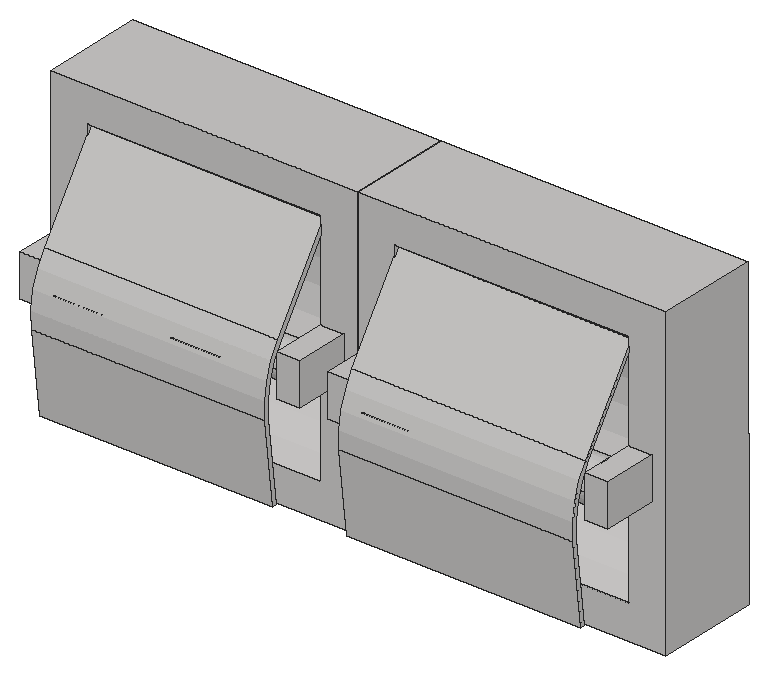
Revit family "Toilet Roll Dispenser_Metlam_Double_Surface Mounted_Hooded", category Specialty Equipment, Revit 2016
Family settings
  Part Type = Normal
  Round Connector Dimension = Use Diameter
  OmniClass Number = 23.40.20.21.21
  OmniClass Title = Toilet Paper Dispensers
  Work Plane-Based = No
  Always vertical = Yes
  Cut with Voids When Loaded = Yes
  Shared = No
  Room Calculation Point = Yes
Parameters (values of type "322w x 91d x 161h (ML263SM_S)")
  URL = "http://www.metlam.com.au/"
  Type Comments = "Toilet Roll Dispensers"  # constant formula
  Model = "ML263SM_S"
  Material_ANZRS = z_Metlam_Metal_Stainless Steel_Satin
  Manufacturer_URL__Product Specific = "https://metlam.com.au/product/content/toilet-roll-dispensers/ML263SM_S"
  Manufacturer_Spec Code = Model  # "ML263SM_S"
  Manufacturer_Overall Width = 322 mm  # constant formula
  Manufacturer_Overall Height = 161 mm  # constant formula
  Manufacturer_Overall Depth = 91 mm  # constant formula
  Manufacturer_Height From FFL [instance] = 585 mm
  Manufacturer = "Metlam"  # constant formula
  Description = "Double Toilet Roll Holder"  # constant formula
  CreatedBy_ANZRS = "IGS BIM Solutions"  # constant formula
  CreatedByURL_ANZRS = "http://www.igsgroup.com.au/"
  Assembly Code = ""
Reference planes
  plane 1 "Back": y = 0
  plane 2 "Ref. Level": z = 0
  plane 3 "Center (Left/Right)": x = 0
  plane 4 "Right": x = 161
  plane 5 "Left": x = -161
  plane 6 "Mount_Front": y = -54
  plane 7 "Top": z = 665.5
  plane 8 "Bottom": z = 504.5
  plane 9 "Centre (Elevation)": z = 585
  plane 10 "Front": y = -91
  plane 11 "Hood_Bottom": z = 524.5
Forms (mm)
  Extrusion 1, solid, material "z_Metlam_Metal_Stainless Steel_Satin" <- "Material_ANZRS"
    sketch origin (-80.5, 0, -20) x (1, 0, 0) y (0, 0, 1)
      loop
        line (-80.5, 685.5) -> (-80.5, 524.5) -> (80.5, 524.5) -> (80.5, 685.5) -> (-80.5, 685.5)
    from 0 to 54
  Revolve 2, solid, material "z_Metlam_Metal_Stainless Steel_Satin" <- "Material_ANZRS"
    sketch origin (80.5, -1526, 585) x (-1, 0, 0) y (0, -1, 0)
      loop
        line (222.115, -1456.68) -> (222.115, -1445.68) -> (161, -1445.68) -> (161, -1447.18) -> (99.885, -1447.18) -> (99.885, -1456.68) -> (222.115, -1456.68)
      axis (222.115, -1456.68) -> (99.885, -1456.68)
    angle from 0 to 360
  Extrusion 3, solid, material "z_Metlam_Metal_Stainless Steel_Satin" <- "Material_ANZRS"
    sketch origin (-80.5, -2, 0) x (0, 1, 0) y (0, 0, 1)
      loop
        line (-52, 596) -> (-81, 596) -> (-81, 574) -> (-52, 574) -> (-52, 596)
    from 61.115 to 73.125
  Extrusion 4, solid, material "z_Metlam_Metal_Stainless Steel_Satin" <- "Material_ANZRS"
    sketch origin (-80.5, -2, 0) x (0, 1, 0) y (0, 0, -1)
      loop
        line (-52, -596) -> (-52, -574) -> (-81, -574) -> (-81, -596) -> (-52, -596)
    from 61.115 to 73.125
  Extrusion 5, solid, material "z_Metlam_Metal_Stainless Steel_Satin" <- "Material_ANZRS"
    sketch origin (-80.5, -5.566, 0) x (0, 1, 0) y (0, 0, 1)
      loop
        line (-44.807, 644.3) -> (-46.455, 645.433) -> (-76.636, 601.537)
        arc (-76.636, 601.537) -> (-84, 585.098) -> (-85.062, 567.116) r 50
        line (-85.062, 567.116) -> (-79.829, 524.5) -> (-77.814, 524.5) -> (-83.077, 567.359)
        arc (-83.077, 567.359) -> (-82.058, 584.622) -> (-74.988, 600.404) r 48
        line (-74.988, 600.404) -> (-44.807, 644.3)
    from -61.115 to 61.115
  Extrusion 6, void
    sketch origin (-80.5, 0, 0) x (0, 1, 0) y (0, 0, 1)
      loop
        arc (-54, 522.518) -> (-3.854, 585) -> (-54, 647.482) r 64
        line (-54, 647.482) -> (-54, 522.518)
    from -61.115 to 61.115
  Extrusion 7, solid, material "z_Metlam_Metal_Stainless Steel_Satin" <- "Material_ANZRS"
    sketch origin (80.5, 0, -20) x (-1, 0, 0) y (0, 0, -1)
      loop
        line (-80.5, -685.5) -> (80.5, -685.5) -> (80.5, -524.5) -> (-80.5, -524.5) -> (-80.5, -685.5)
    from 0 to 54
  Revolve 8, solid, material "z_Metlam_Metal_Stainless Steel_Satin" <- "Material_ANZRS"
    sketch origin (80.5, -1526, 585) x (-1, 0, 0) y (0, -1, 0)
      loop
        line (-61.115, -1456.68) -> (61.115, -1456.68) -> (61.115, -1447.18) -> (0, -1447.18) -> (0, -1445.68) -> (-61.115, -1445.68) -> (-61.115, -1456.68)
      axis (-61.115, -1456.68) -> (61.115, -1456.68)
    angle from 0 to 360
  Extrusion 9, solid, material "z_Metlam_Metal_Stainless Steel_Satin" <- "Material_ANZRS"
    sketch origin (80.5, -2, 0) x (0, 1, 0) y (0, 0, -1)
      loop
        line (-52, -596) -> (-52, -574) -> (-81, -574) -> (-81, -596) -> (-52, -596)
    from 61.115 to 73.125
  Extrusion 10, solid, material "z_Metlam_Metal_Stainless Steel_Satin" <- "Material_ANZRS"
    sketch origin (80.5, -2, 0) x (0, 1, 0) y (0, 0, 1)
      loop
        line (-52, 596) -> (-81, 596) -> (-81, 574) -> (-52, 574) -> (-52, 596)
    from 61.115 to 73.125
  Extrusion 11, solid, material "z_Metlam_Metal_Stainless Steel_Satin" <- "Material_ANZRS"
    sketch origin (80.5, -5.566, 0) x (0, 1, 0) y (0, 0, -1)
      loop
        line (-44.807, -644.3) -> (-74.988, -600.404)
        arc (-74.988, -600.404) -> (-82.058, -584.622) -> (-83.077, -567.359) r 48
        line (-83.077, -567.359) -> (-77.814, -524.5) -> (-79.829, -524.5) -> (-85.062, -567.116)
        arc (-85.062, -567.116) -> (-84, -585.098) -> (-76.636, -601.537) r 50
        line (-76.636, -601.537) -> (-46.455, -645.433) -> (-44.807, -644.3)
    from -61.115 to 61.115
  Extrusion 12, void
    sketch origin (80.5, 0, 0) x (0, 1, 0) y (0, 0, -1)
      loop
        line (-54, -522.518) -> (-54, -647.482)
        arc (-54, -647.482) -> (-3.854, -585) -> (-54, -522.518) r 64
    from -61.115 to 61.115
Cuts and joins
  Extrusion 6 cuts Extrusion 1
  Extrusion 12 cuts Extrusion 7
Lines and regions (mm)
  Masking region 1
    outline origin (0, 0, 0) x (1, 0, 0) y (0, 1, 0)
      loop
        line (-161, 0) -> (-161, -54) -> (-153.625, -54) -> (-153.625, -83) -> (-141.615, -83) -> (-141.615, -91) -> (-19.385, -91) -> (-19.385, -83) -> (-7.375, -83) -> (-7.375, -54) -> (7.375, -54) -> (7.375, -83) -> (19.385, -83) -> (19.385, -91) -> (141.615, -91) -> (141.615, -83) -> (153.625, -83) -> (153.625, -54) -> (161, -54) -> (161, 0) -> (-161, 0)
  symbolic lines, style "Bathroom Fixtures", detail levels medium+fine
    curve 1: line (0, -54, 0) -> (0, 0, 0)
    curve 2: line (-141.615, -54, 0) -> (-141.615, -86.6, 0)
    curve 3: line (-19.385, -54, 0) -> (-19.385, -86.6, 0)
    curve 4: line (19.385, -54, 0) -> (19.385, -86.6, 0)
    curve 5: line (141.615, -54, 0) -> (141.615, -86.6, 0)
    curve 6: line (-153.625, -54, 0) -> (153.625, -54, 0)
Text (mm)
  text "> Contact Manufacturer to confirm feasibility of design variations outside the scope of this Revit Family\n\n\n\nDisclaimer:\n\nDue to ongoing product development and manufacturing evolution, product details are subject to change without notice. Please refer to product technical data sheets on the manufacturer’s website for the most current product information. Please allow a +/- 5mm manufacturing tolerance for dimensions and set-outs shown in product literature." at (274, 71.09, 0), in view "Ref. Level_Instruction"
Dimensions and locks
  "Manufacturer_Overall Height": plane 7 "Top" to plane 8 "Bottom"
  "Manufacturer_Overall Width": plane 5 "Left" to plane 4 "Right"
  equal spacing: plane 7 "Top", plane 9 "Centre (Elevation)", plane 8 "Bottom"
  "Manufacturer_Height From FFL": plane 9 "Centre (Elevation)" to plane 2 "Ref. Level"
  equal spacing: plane 5 "Left", plane 3 "Center (Left/Right)", plane 4 "Right"
  "Manufacturer_Overall Depth": plane 10 "Front" to plane 1 "Back"
  locked: plane 10 "Front" to plane 6 "Mount_Front" at 37
  locked: plane 11 "Hood_Bottom" to plane 8 "Bottom" at 20
  aligned and locked: level to plane 2 "Ref. Level"
  aligned and locked: plane 6 "Mount_Front" to Extrusion 1
  aligned and locked: plane 6 "Mount_Front" to cut or joined group of Extrusion 7, Extrusion 12
  aligned and locked: Masking region 1 sketch curve to Extrusion 4  (x2)
  aligned and locked: Masking region 1 sketch curve to Extrusion 3  (x2)
  aligned and locked: curve 4 to Extrusion 9
Automatic sketch dimensions
  Extrusion 1 sketch curve to plane 5 "Left" = 0 mm
  Extrusion 1 sketch curve to plane 3 "Center (Left/Right)" = 0 mm
  Extrusion 1 sketch curve to plane 8 "Bottom" = 0 mm
  Extrusion 1 sketch curve to plane 7 "Top" = 0 mm
  plane 4 "Right" to Extrusion 7 sketch curve = 0 mm
  Extrusion 7 sketch curve to plane 3 "Center (Left/Right)" = 0 mm
  Extrusion 7 sketch curve to plane 7 "Top" = 0 mm
  Extrusion 7 sketch curve to plane 8 "Bottom" = 0 mm
  Revolve 2 sketch curve to plane 3 "Center (Left/Right)" = 19.385 mm
  plane 6 "Mount_Front" to Revolve 2 sketch curve = 15.32 mm  (x2)
  Revolve 2 sketch curve to Revolve 2 sketch curve = 57.131 mm
  Revolve 2 sketch curve to Revolve 2 sketch curve = 3.984 mm
  Revolve 2 sketch curve to Revolve 2 sketch curve = 17.5 mm
  plane 5 "Left" to Revolve 2 sketch curve = 19.385 mm
  Revolve 2 sketch curve to Revolve 2 sketch curve = 9.5 mm
  Revolve 2 sketch curve to Revolve 2 sketch curve = 1.5 mm
  plane 6 "Mount_Front" to Extrusion 3 sketch curve = 0 mm
  Extrusion 3 sketch curve to plane 9 "Centre (Elevation)" = 11 mm
  Extrusion 3 sketch curve to Extrusion 3 sketch curve = 29 mm
  plane 9 "Centre (Elevation)" to Extrusion 3 sketch curve = 11 mm
  plane 6 "Mount_Front" to Extrusion 4 sketch curve = 0 mm
  Extrusion 4 sketch curve to plane 9 "Centre (Elevation)" = 11 mm
  Extrusion 4 sketch curve to Extrusion 4 sketch curve = 29 mm
  plane 9 "Centre (Elevation)" to Extrusion 4 sketch curve = 11 mm
  Extrusion 5 sketch curve to Extrusion 5 sketch curve = 0 mm  (x2)
  plane 6 "Mount_Front" to Extrusion 5 sketch curve = 36.627 mm
  Extrusion 5 sketch curve to Extrusion 5 sketch curve = 1.985 mm
  plane 6 "Mount_Front" to Extrusion 5 sketch curve = 31.395 mm
  Extrusion 5 sketch curve to Extrusion 5 sketch curve = 2.015 mm
  plane 9 "Centre (Elevation)" to Extrusion 5 sketch curve = 16.537 mm
  plane 6 "Mount_Front" to Extrusion 5 sketch curve = 28.201 mm
  plane 9 "Centre (Elevation)" to Extrusion 5 sketch curve = 15.404 mm
  Extrusion 5 sketch curve to Extrusion 5 sketch curve = 1.648 mm  (x2)
  Extrusion 5 sketch curve to plane 6 "Mount_Front" = 1.979 mm
  Extrusion 5 sketch curve to plane 9 "Centre (Elevation)" = 11.791 mm
  Extrusion 5 sketch curve to plane 6 "Mount_Front" = 13 mm
  Extrusion 6 sketch curve to plane 9 "Centre (Elevation)" = 0 mm
  Extrusion 6 sketch curve to plane 6 "Mount_Front" = 0 mm
  plane 6 "Mount_Front" to Extrusion 6 sketch curve = 13.854 mm
  plane 4 "Right" to Revolve 8 sketch curve = 19.385 mm
  plane 6 "Mount_Front" to Revolve 8 sketch curve = 15.32 mm  (x2)
  Revolve 8 sketch curve to Revolve 8 sketch curve = 43.615 mm
  Revolve 8 sketch curve to Revolve 8 sketch curve = 17.5 mm
  Revolve 8 sketch curve to Revolve 8 sketch curve = 3.984 mm
  plane 3 "Center (Left/Right)" to Revolve 8 sketch curve = 19.385 mm
  Revolve 8 sketch curve to Revolve 8 sketch curve = 9.5 mm
  Revolve 8 sketch curve to Revolve 8 sketch curve = 1.5 mm
  plane 6 "Mount_Front" to Extrusion 9 sketch curve = 0 mm
  Extrusion 9 sketch curve to plane 9 "Centre (Elevation)" = 11 mm
  Extrusion 9 sketch curve to Extrusion 9 sketch curve = 29 mm
  plane 9 "Centre (Elevation)" to Extrusion 9 sketch curve = 11 mm
  plane 6 "Mount_Front" to Extrusion 10 sketch curve = 0 mm
  Extrusion 10 sketch curve to plane 9 "Centre (Elevation)" = 11 mm
  Extrusion 10 sketch curve to Extrusion 10 sketch curve = 29 mm
  plane 9 "Centre (Elevation)" to Extrusion 10 sketch curve = 11 mm
  Extrusion 11 sketch curve to Extrusion 11 sketch curve = 0 mm  (x2)
  plane 6 "Mount_Front" to Extrusion 11 sketch curve = 36.627 mm
  Extrusion 11 sketch curve to Extrusion 11 sketch curve = 1.985 mm
  plane 6 "Mount_Front" to Extrusion 11 sketch curve = 31.395 mm
  Extrusion 11 sketch curve to Extrusion 11 sketch curve = 2.015 mm
  plane 9 "Centre (Elevation)" to Extrusion 11 sketch curve = 16.537 mm
  plane 6 "Mount_Front" to Extrusion 11 sketch curve = 28.201 mm
  plane 9 "Centre (Elevation)" to Extrusion 11 sketch curve = 15.404 mm
  Extrusion 11 sketch curve to Extrusion 11 sketch curve = 1.648 mm  (x2)
  Extrusion 11 sketch curve to plane 6 "Mount_Front" = 1.979 mm
  Extrusion 11 sketch curve to plane 9 "Centre (Elevation)" = 11.791 mm
  Extrusion 11 sketch curve to plane 6 "Mount_Front" = 13 mm
  plane 9 "Centre (Elevation)" to Extrusion 12 sketch curve = 0 mm
  Extrusion 12 sketch curve to plane 6 "Mount_Front" = 0 mm
  plane 6 "Mount_Front" to Extrusion 12 sketch curve = 13.854 mm
  Extrusion 12 sketch curve to plane 7 "Top" = 18.018 mm
  curve 1 to plane 3 "Center (Left/Right)" = 0 mm
  plane 6 "Mount_Front" to curve 1 = 0 mm
  plane 1 "Back" to curve 1 = 0 mm
  curve 3 to plane 3 "Center (Left/Right)" = 19.385 mm
  curve 2 to plane 10 "Front" = 4.4 mm
  plane 5 "Left" to curve 2 = 19.385 mm
  plane 5 "Left" to curve 6 = 7.375 mm
  plane 4 "Right" to curve 5 = 19.385 mm
  plane 4 "Right" to curve 6 = 7.375 mm
  curve 5 to plane 10 "Front" = 4.4 mm
  curve 4 to plane 10 "Front" = 4.4 mm
  curve 3 to plane 10 "Front" = 4.4 mm
  Extrusion 5 sketch curve to plane 8 "Bottom" = 20 mm
  Extrusion 6 sketch curve to plane 8 "Bottom" = 18.018 mm
  Extrusion 11 sketch curve to plane 8 "Bottom" = 20 mm
  Masking region 1 sketch curve to plane 5 "Left" = 0 mm
  plane 10 "Front" to Masking region 1 sketch curve = 0 mm  (x2)
  plane 6 "Mount_Front" to Masking region 1 sketch curve = 0 mm  (x3)
  plane 1 "Back" to Masking region 1 sketch curve = 0 mm
  Masking region 1 sketch curve to plane 4 "Right" = 0 mm
  Masking region 1 sketch curve to Masking region 1 sketch curve = 12.01 mm  (x3)
  plane 3 "Center (Left/Right)" to Masking region 1 sketch curve = 7.375 mm
  Masking region 1 sketch curve to plane 10 "Front" = 8 mm  (x2)
  plane 4 "Right" to Masking region 1 sketch curve = 19.385 mm
  plane 4 "Right" to Masking region 1 sketch curve = 7.375 mm
